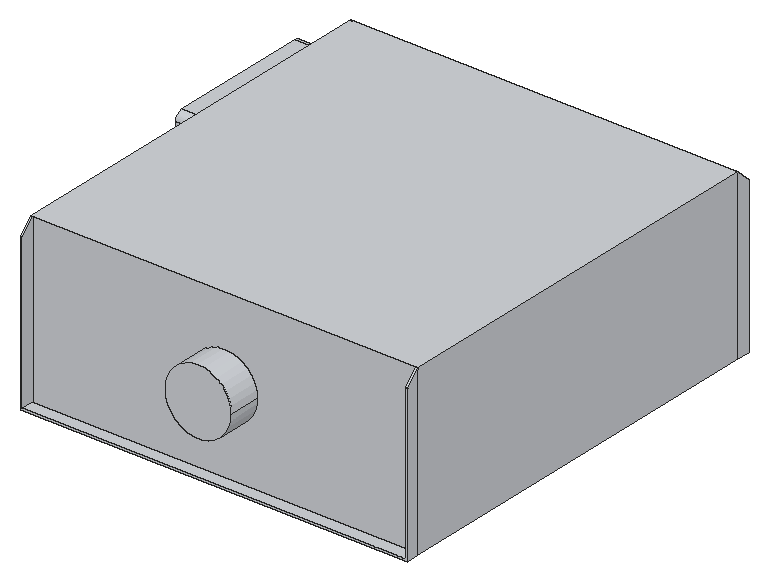
Revit family "CADS_Vent-Axia_MechEquip_Fan_SENT_DBoxTwin - SUPPLY", category Mechanical Equipment, host Face, Revit 2020
Family settings
  Host = Face
  Round Connector Dimension = Use Diameter
  Classification = None
  Part Type = Normal
  OmniClass Number = 23.75.35.17.11
  OmniClass Title = Fans for Air Ductwork
  Cut with Voids When Loaded = No
  Shared = No
  Room Calculation Point = No
Parameters (values of type "SENT100T")
  WorkingPressure = 0.0 Pa
  WarrantyStartDate [instance] = "1900-12-31T23:59:59"
  WarrantyPeriod = ""
  WarrantyIdentifier = "N/A"
  WarrantyGuarantorParts = "tech@vent-axia.com"
  WarrantyGuarantorLabor = "tech@vent-axia.com"
  WarrantyGuarantor = "Vent-Axia Limited"
  WarrantyEndDate [instance] = "1900-12-31T23:59:59"
  WarrantyContent = ""
  W = 0 mm
  Type Image = <None>
  TemperatureRange = ""
  TagNumber [instance] = "N/A"
  SustainabilityPerformance = ""
  Status = "New"
  SpigotCLHeight = 62 mm
  Size = ""
  Shape = ""
  ServiceLifeType = ""
  ServiceLifeDuration = ""
  SerialNumber [instance] = "N/A"
  ReplacementCost = ""
  RatedVoltage = 0 V
  RatedCurrent = 0 A
  Quantity = 1
  ProductionYear = ""
  PressureCurve = ""
  PowerFactor = ""
  PointOfContact = ""
  OutOffset = 0 mm  # constant formula
  NumberOfPoles = 0
  NominalWidth = 591 mm
  NominalLength = 610 mm
  NominalHeight = 256 mm
  NominalFrequencyRange = ""
  NominalDiameter = 100 mm
  ModelReference = "SENTINEL 100T HEIRARCHY"
  ModelNumber = "SENT100T"
  Material = ""
  ManufacturerE-Mail = "tech@vent-axia.com"
  ManufacturerAddress = "Fleming Way\nCrawley \nRH10 9YX"
  L = NominalLength  # 610 mm
  IsExtendedWarranty = no
  InsulationStandardClass = ""
  InstallationDate [instance] = "1900-12-31T23:59:59"
  IfcExportType [instance] = ""
  IfcExportAs [instance] = "IfcFanType"
  IP_Code = ""
  HasProtectiveEarth = no
  H = 0 mm
  GrossWeight = 0.00 kg
  Grade = ""
  GlobalTradeItemNumber [instance] = "N/A"
  Fitting Type = "Ignore"
  Finish = ""
  Features = ""
  ExteriorInsulation = no
  ExpectedServiceLife = 0
  Exclusions = ""
  EBVoffset = 80.486 mm
  EBHoffset = 205.5 mm
  DurationUnit = "Year"
  Default Elevation = 1219.2 mm
  Constituents = ""
  ConductorFunction = ""
  Color = ""
  CodePerformance = ""
  Category = ""
  CADS_Usage = 0
  CADS_Index = 0
  AssetType = "FIXED"
  AssetIdentifier [instance] = "N/A"
  AssemblyPlace = "UNKNOWN"
  ArticleNumber [instance] = "N/A"
  AirflowRateRange = 0.0 L/s
  Air Flow [instance] = 0.0 L/s
  AccessibilityPerformance = ""
Types (13, lengths in mm): name | NominalWidth | NominalLength | NominalHeight | NominalDiameter | ModelReference | ModelNumber | L
  SENT100T | 591 | 610 | 256 | 100 | "SENTINEL 100T HEIRARCHY" | "SENT100T" | 610
  SENT125T | 591 | 610 | 256 | 125 | "SENTINEL 125T HEIRARCHY" | "SENT125T" | 610
  SENT125T/CP | 591 | 610 | 256 | 125 | "SENTINEL 125 TWIN CP" | "SENT125T/CP" | 610
  SENT150T | 591 | 610 | 256 | 150 | "SENTINEL 150 TWIN" | "SENT150T" | 610
  SENT200T | 703 | 801 | 343 | 200 | "SENTINEL 200T HIERARCHY" | "SENT200T" | 801
  SENT250S/CP | 798 | 925 | 354 | 250 | "SENTINEL 250 CONST.PRESS" | "SENT250S/CP" | 925
  SENT250T | 798 | 925 | 354 | 250 | "SENTINEL 250T HIERARCHY" | "SENT250T" | 925
  SENT250T/CP | 798 | 925 | 354 | 315 | "SENTINEL 250 TWIN CP" | "SENT250T/CP" | 925
  SENT315T | 1145 | 1255 | 536 | 315 | "SENTINEL 315T HIERARCHY" | "SENT315T" | 1255
  SENT315T/CP | 1145 | 1255 | 536 | 315 | "SENTINEL 315 TWIN CP" | "SENT315T/CP" | 1255
  SENT400T | 1145 | 1255 | 536 | 400 | "SENTINEL 400T HIERARCHY" | "SENT400T" | 1255
  SENT400T/CP | 1145 | 1255 | 536 | 400 | "SENTINEL 400 TWIN CP" | "SENT400T/CP" | 1255
  SENT500T | 1533 | 1492 | 675 | 500 | "SENTINEL 500T HIERARCHY" | "SENT500T" | 1492
Reference planes
  plane 1 "Center (Front/Back)": y = 0
  plane 2: z = 0
  plane 3 "Center (Left/Right)": x = 0
  plane 4 "Left Face": x = -295.5
  plane 5 "out face": y = -305
  plane 6 "right face": x = 295.5
  plane 7 "in face": y = 305
  plane 8: x = 0
  plane 9: z = 128
  plane 10 "top face": z = 256
  plane 11: y = -325
  plane 12: y = 325
  plane 13: x = 315.5
  plane 14: z = 190
Forms (mm)
  Extrusion 1, solid
    sketch origin (0, 0, 0) x (1, 0, 0) y (0, 1, 0)
      loop
        line (-295.5, 305) -> (-295.5, -305) -> (295.5, -305) -> (295.5, 305) -> (-295.5, 305)
    from 0 to 256 <- "NominalHeight"
  Extrusion 2, solid
    sketch origin (0, -305, 0) x (1, 0, 0) y (0, 0, 1)
      loop
        circle (0, 128) r 50
    from 0 to 50
  Extrusion 3, solid
    sketch origin (0, 305, 0) x (1, 0, 0) y (0, 0, -1)
      loop
        circle (0, -128) r 50
    from 0 to 51.496
  Sweep 4, solid
    path origin (0, -305, 0) x (1, 0, 0) y (0, 0, 1)
      loop
        line (-295.5, 256) -> (-295.5, 0) -> (295.5, 0) -> (295.5, 256)
    profile origin (-295.5, -305, 128) x (0, -1, 0) y (1, 0, 0)
      loop
        line (0, 0) -> (20, 0) -> (20, 3) -> (0, 3) -> (0, 0)
  Sweep 5, solid
    path origin (0, 305, 0) x (1, 0, 0) y (0, 0, 1)
      loop
        line (295.5, 256) -> (295.5, 0) -> (-295.5, 0) -> (-295.5, 256)
    profile origin (295.5, 305, 128) x (0, 1, 0) y (-1, 0, 0)
      loop
        line (20, 3) -> (0, 3) -> (0, 0) -> (20, 0) -> (20, 3)
  Sweep 6, void
    path origin (0, 0, 256) x (1, 0, 0) y (0, 1, 0)
      loop
        line (-295.5, -325) -> (315.5, -325) -> (315.5, 325) -> (-295.5, 325)
    profile origin (10, -325, 256) x (0, 1, 0) y (0, 0, 1)
      loop
        line (20, 0) -> (0, 0) -> (0, -20) -> (20, 0)
Cuts and joins
  Sweep 6 cuts Sweep 4
  Sweep 6 cuts Sweep 5
  joined: Sweep 4, Sweep 5
  Sweep 6 cuts Extrusion 1
Lines and regions (mm)
  model lines
    curve 1: line (0, 0, 256) -> (0, 100, 256)
    curve 2: line (0, 0, 256) -> (-10.353, 38.637, 256)
    curve 3: line (0, 0, 256) -> (10.353, 38.637, 256)
Dimensions and locks
  "NominalWidth": plane 4 "Left Face" to plane 6 "right face"
  equal spacing: plane 4 "Left Face", plane 3 "Center (Left/Right)", plane 6 "right face"
  "L": plane 5 "out face" to plane 7 "in face"
  equal spacing: plane 5 "out face", plane 1 "Center (Front/Back)", plane 7 "in face"
  "OutOffset": plane 8 to plane 3 "Center (Left/Right)"
  plane 8 to Extrusion 2 sketch curve = 0 mm
  Extrusion 2 sketch curve to plane 9 = 0 mm
  "EBHoffset": nested 1 to plane 1 "Center (Front/Back)"
  "EBVoffset": nested 1 to level
  "NominalHeight": level to plane 10 "top face"
  plane 5 "out face" to plane 11 = 20 mm
  plane 7 "in face" to plane 12 = 20 mm
  plane 6 "right face" to plane 13 = 20 mm
  equal spacing: plane 10 "top face", plane 9, plane 2
  "SpigotCLHeight": plane 9 to plane 14
  locked: plane 9 to Extrusion 3 sketch curve
  "NominalDiameter": diameter of Extrusion 2 sketch curve
  "NominalDiameter": diameter of Extrusion 3 sketch curve
  aligned and locked: plane 2 to host face
  aligned and locked: level to host face
  aligned and locked: Sweep 4 sketch curve to plane 6 "right face"
  aligned and locked: Sweep 4 sketch curve to plane 4 "Left Face"
  aligned and locked: Sweep 6 sketch curve to plane 12
  aligned and locked: plane 13 to Sweep 6 sketch curve
  aligned and locked: profile plane to Sweep 4 sketch curve
  aligned and locked: plane 11 to Sweep 4 sketch curve
  aligned and locked: plane 7 "in face" to nested 3
  aligned and locked: nested 3 to plane 9
Automatic sketch dimensions
  host sketch curve to host sketch curve = 2438.4 mm  (x2)
  Extrusion 1 sketch curve to plane 4 "Left Face" = 0 mm
  Extrusion 1 sketch curve to plane 5 "out face" = 0 mm
  Extrusion 1 sketch curve to plane 6 "right face" = 0 mm
  plane 7 "in face" to Extrusion 1 sketch curve = 0 mm
  profile plane to Sweep 4 sketch curve = 0 mm
  Sweep 4 sketch curve to profile plane = 3 mm
  Sweep 5 sketch curve to profile plane = 3 mm
  plane 7 "in face" to Sweep 5 sketch curve = 20 mm
  profile plane to Sweep 5 sketch curve = 0 mm
  Sweep 5 sketch curve to Sweep 5 sketch curve = 20 mm
  Sweep 6 sketch curve to plane 4 "Left Face" = 0 mm  (x2)
  Sweep 6 sketch curve to plane 11 = 0 mm
  Sweep 6 sketch curve to plane 10 "top face" = 0 mm
  Sweep 6 sketch curve to profile plane = 0 mm
  Sweep 6 sketch curve to Sweep 6 sketch curve = 20 mm  (x2)
  Sweep 4 sketch curve to level = 0 mm
  Sweep 4 sketch curve to plane 10 "top face" = 0 mm  (x2)
  Sweep 5 sketch curve to level = 0 mm
  Sweep 5 sketch curve to plane 4 "Left Face" = 0 mm
  plane 6 "right face" to Sweep 5 sketch curve = 0 mm
  Sweep 5 sketch curve to plane 10 "top face" = 0 mm  (x2)
  plane 1 "Center (Front/Back)" to curve 2 = 0 mm
  curve 2 to plane 3 "Center (Left/Right)" = 0 mm
  curve 2 to plane 3 "Center (Left/Right)" = 10.353 mm
  plane 3 "Center (Left/Right)" to curve 3 = 10.353 mm
  curve 2 to plane 1 "Center (Front/Back)" = 38.637 mm
  curve 2 to curve 3 = 0 mm
  curve 2 to curve 1 = 61.363 mm
  Extrusion 3 sketch curve to plane 3 "Center (Left/Right)" = 0 mm
Nested families
  nested 1: "Electrical Connection Box" at (-295.5, 205.5, 80.486) x (0, -1, 0) z (-1, 0, 0), type "Electrical Connection Box"
  nested 2: "Electrical Connection Box" at (-295.5, -245, 123) x (0, -1, 0) z (-1, 0, 0), type "Electrical Connection Box"
  nested 3: "Electrical Connection Box" at (-295.5, 185, 128) x (0, -1, 0) z (-1, 0, 0), type "SENT"
    with w 240 mm, h 75 mm, d 160 mm
Connectors
  hvac at (0, -355, 128), driven by "NominalDiameter", driven by "Air Flow"
    settings: on Extrusion 2, index 1, duct flow 0.0 L/s, flow factor 0, pres drop 0.0 Pa, loss coef 0, conn angle 0.00°, conn width 304.8 mm, conn height 304.8 mm, conn diameter 100 mm, duct sys type 1, conn prof type 0, flow config 0, flow direction 2, loss method 0, conn ref index -1, conn util no, is conn primary yes, conn desc ""
  hvac at (0, 356.496, 128), driven by "NominalDiameter", driven by "Air Flow"
    settings: on Extrusion 3, index 2, duct flow 0.0 L/s, flow factor 0, pres drop 0.0 Pa, loss coef 0, conn angle 0.00°, conn width 304.8 mm, conn height 304.8 mm, conn diameter 100 mm, duct sys type 1, conn prof type 0, flow config 1, flow direction 1, loss method 0, conn ref index -1, conn util no, is conn primary no, conn desc ""
Definition of nested family "Electrical Connection Box"
  Parameters (values of type "165x135")
    w = 165 mm
    vis grommets = no
    h = 50 mm
    d = 135 mm
    Default Elevation = 1219.2 mm
  Types (4, lengths in mm): name | w | vis grommets | h | d
    125x84 | 125 | yes | 0 | 84
    165x135 | 165 | no | 50 | 135
    Electrical Connection Box 2 | 165 | no | 0 | 135
    Electrical Connection Box | 125 | no | 0 | 84
  Reference planes
    plane 1 "Center (Front/Back)": y = 0
    plane 2: z = 0
    plane 3 "Center (Left/Right)": x = 0
    plane 4: y = 67.5
    plane 5: x = 82.5
    plane 6: x = -82.5
    plane 7: y = -67.5
  Forms (mm)
    Extrusion 1, solid
      sketch origin (0, 0, 0) x (1, 0, 0) y (0, 1, 0)
        loop
          line (-1219.2, 1219.2) -> (-1219.2, -1219.2) -> (1219.2, -1219.2) -> (1219.2, 1219.2) -> (-1219.2, 1219.2)
      from 0 to -304.8
    Extrusion 2, solid
      sketch origin (-62.5, -42, 0) x (1, 0, 0) y (0, 1, 0)
        loop
          arc (-8, 109.5) -> (-16.485, 105.985) -> (-20, 97.5) r 12
          line (-20, 97.5) -> (-20, -13.5)
          arc (-20, -13.5) -> (-16.485, -21.985) -> (-8, -25.5) r 12
          line (-8, -25.5) -> (133, -25.5)
          arc (133, -25.5) -> (141.485, -21.985) -> (145, -13.5) r 12
          line (145, -13.5) -> (145, 97.5)
          arc (145, 97.5) -> (141.485, 105.985) -> (133, 109.5) r 12
          line (133, 109.5) -> (-8, 109.5)
      from 0 to 50 <- "h"
    Extrusion 3, solid, visible <- "vis grommets"
      sketch origin (82.5, 68.728, -0.59) x (0, -1, 0) y (0, 0, -1)
        loop
          circle (26.228, -28.09) r 11
      from 0 to 3
    Extrusion 4, solid, visible <- "vis grommets"
      sketch origin (224.495, -67.5, 22.909) x (-1, 0, 0) y (0, 0, -1)
        loop
          circle (176.995, -4.591) r 11
      from 0 to 3
    Extrusion 5, solid, visible <- "vis grommets"
      sketch origin (164.495, -67.5, 22.909) x (-1, 0, 0) y (0, 0, -1)
        loop
          circle (216.995, -4.591) r 11
      from 0 to 3
  Dimensions and locks
    "w": plane 6 to plane 5
    equal spacing: plane 6, plane 3 "Center (Left/Right)", plane 5
    "d": plane 4 to plane 7
    equal spacing: plane 4, plane 1 "Center (Front/Back)", plane 7
    aligned and locked: plane 2 to Extrusion 1
    aligned and locked: level to Extrusion 1
  Automatic sketch dimensions
    Extrusion 1 sketch curve to Extrusion 1 sketch curve = 2438.4 mm  (x2)
    Extrusion 2 sketch curve to plane 6 = 0 mm
    plane 7 to Extrusion 2 sketch curve = 0 mm
    Extrusion 2 sketch curve to plane 4 = 0 mm
    Extrusion 2 sketch curve to plane 5 = 0 mm
    Extrusion 2 sketch curve to plane 6 = 12 mm
    Extrusion 2 sketch curve to plane 4 = 12 mm  (x2)
    Extrusion 2 sketch curve to plane 5 = 12 mm
    Extrusion 3 sketch curve to Extrusion 2 = 13 mm
    Extrusion 2 to Extrusion 3 sketch curve = 22.5 mm
    Extrusion 4 sketch curve to Extrusion 2 = 23 mm
    Extrusion 2 to Extrusion 4 sketch curve = 22.5 mm
    Extrusion 2 to Extrusion 5 sketch curve = 18 mm
    Extrusion 2 to Extrusion 5 sketch curve = 22.5 mm
    radius of Extrusion 3 sketch curve = 11 mm
    radius of Extrusion 4 sketch curve = 11 mm
    radius of Extrusion 5 sketch curve = 11 mm
